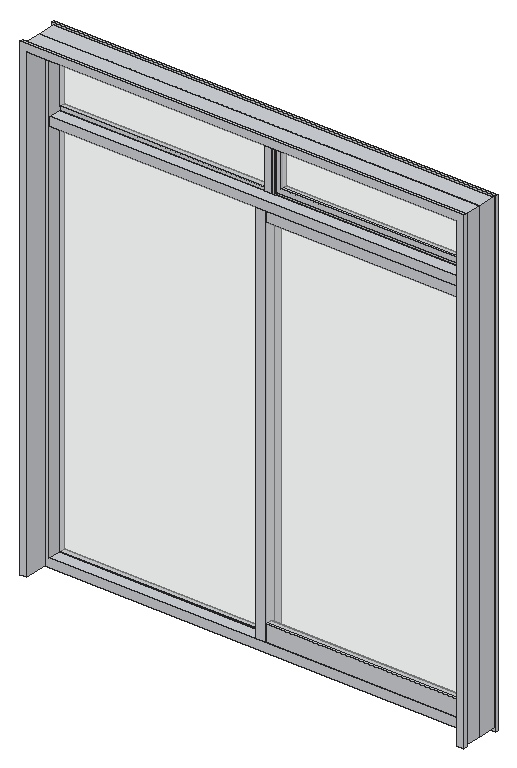
Revit family "APL Residential Thermal Heart Sliding Door SF with Overlight", category Doors, host Wall, Revit 2017 (continued)
Definition of nested family "APL Residential Thermal Heart Sliding Door SF with Overlight Vertical Section"
  Definition of nested family "Sill Two Panel"
    Lines and regions (mm)
      detail lines, in view "Ref. Level", not visible
        curve 216: line (2.003, 50.297, 0) -> (16.603, 50.297, 0)
        curve 217: line (16.603, 50.297, 0) -> (16.603, 74.797, 0)
        curve 218: line (16.603, 74.797, 0) -> (2.003, 74.797, 0)
        curve 219: line (2.003, 74.797, 0) -> (2.003, 50.297, 0)
        curve 220: line (1.903, 50.297, 0) -> (1.903, 74.797, 0)
        curve 221: line (2.903, 77.297, 0) -> (2.903, 74.797, 0)
        curve 222: line (16.603, 77.297, 0) -> (16.603, 74.797, 0)
        curve 223: line (15.603, 77.297, 0) -> (15.603, 74.797, 0)
        curve 224: line (16.603, 73.797, 0) -> (17.703, 73.797, 0)
        curve 225: line (17.703, 73.797, 0) -> (17.703, 60.797, 0)
        curve 226: line (17.703, 60.797, 0) -> (16.603, 60.797, 0)
        curve 227: line (1.903, 60.797, 0) -> (0.803, 60.797, 0)
        curve 228: line (0.803, 60.797, 0) -> (0.803, 73.797, 0)
        curve 229: line (0.803, 73.797, 0) -> (1.903, 73.797, 0)
        curve 230: line (15.003, 50.297, 0) -> (15.003, 50.097, 0)
        curve 231: line (3.503, 50.097, 0) -> (3.503, 50.297, 0)
        curve 232: line (3.503, 74.797, 0) -> (3.503, 80.597, 0)
        curve 233: line (7.678, 42.401, 0) -> (7.678, 50.097, 0)
        curve 234: line (7.678, 80.597, 0) -> (7.678, 81.793, 0)
        curve 235: line (10.828, 81.793, 0) -> (10.828, 80.597, 0)
        curve 236: line (10.828, 50.097, 0) -> (10.828, 42.401, 0)
        curve 237: line (12.208, 59.242, 0) -> (13.526, 59.35, 0)
        curve 238: line (13.64, 57.954, 0) -> (12.323, 57.847, 0)
        curve 239: line (6.298, 57.353, 0) -> (4.981, 57.245, 0)
        curve 240: line (4.867, 58.64, 0) -> (6.184, 58.748, 0)
        curve 241: line (6.184, 58.748, 0) -> (7.502, 58.856, 0)
        curve 242: line (10.89, 59.134, 0) -> (12.208, 59.242, 0)
        curve 243: line (12.323, 57.847, 0) -> (11.005, 57.739, 0)
        curve 244: line (7.616, 57.461, 0) -> (6.298, 57.353, 0)
        curve 245: arc (6.298, 57.353, 0) -> (7.246, 55.932, 0) -> (8.802, 55.228, 0) r 3.102
        curve 246: arc (12.208, 59.242, 0) -> (11.261, 60.663, 0) -> (9.704, 61.367, 0) r 3.102
    Dimensions and locks
      nested 1 to nested 3 = 17.8 mm
      nested 3 to nested 4 = 7 mm
    Nested families
      nested 1: "65596_Track" at (9.171, 14.2, 0), type "65596_Track", in view "Ref. Level"
      nested 2: "65575_Threshold" at (-87.029, 24, 0), type "65575_Threshold", in view "Ref. Level"
      nested 3: "65470_Door Sill Rail" at (-13.029, 33.8, 0), type "65470_Door Sill Rail", in view "Ref. Level"
      nested 4: "65380_Frame Sill" at (-87.029, 0, 0), type "65380_Frame Sill", in view "Ref. Level"
    Definition of nested family "65596_Track"
      Reference planes
        plane 1 "Center (Front/Back)": y = 0
        plane 2: z = 0
        plane 3 "Center (Left/Right)": x = 0
      Lines and regions (mm)
        detail lines, in view "Ref. Level"
          curve 1: arc (-1.2, 1.8, 0) -> (-1.059, 1.859, 0) -> (-1, 2, 0) r 0.2
          curve 2: arc (-1, 22.438, 0) -> (-1.623, 23.888, 0) -> (-3.105, 24.435, 0) r 2
          curve 3: arc (-17.186, 23.697, 0) -> (-17.523, 23.542, 0) -> (-17.66, 23.198, 0) r 0.5
          curve 4: arc (-17.66, 18.846, 0) -> (-18.14, 16.435, 0) -> (-19.505, 14.392, 0) r 6.3
          curve 5: arc (-21.85, 12.046, 0) -> (-22.77, 12.046, 0) -> (-22.77, 12.966, 0) r 0.65
          curve 6: arc (-20.424, 15.311, 0) -> (-19.341, 16.933, 0) -> (-18.96, 18.846, 0) r 5
          curve 7: arc (-18.96, 24.932, 0) -> (-18.823, 25.276, 0) -> (-18.486, 25.431, 0) r 0.5
          curve 8: arc (-2.589, 26.264, 0) -> (-2.456, 26.325, 0) -> (-2.399, 26.459, 0) r 0.2
          curve 9: arc (-2.399, 26.459, 0) -> (0, 28.8, 0) -> (2.399, 26.459, 0) r 2.4
          curve 10: arc (2.399, 26.459, 0) -> (2.456, 26.325, 0) -> (2.589, 26.264, 0) r 0.2
          curve 11: arc (6.566, 26.056, 0) -> (6.903, 25.901, 0) -> (7.04, 25.557, 0) r 0.5
          curve 12: arc (7.04, 18.846, 0) -> (7.421, 16.933, 0) -> (8.504, 15.311, 0) r 5
          curve 13: arc (10.85, 12.966, 0) -> (10.85, 12.046, 0) -> (9.93, 12.046, 0) r 0.65
          curve 14: arc (7.585, 14.392, 0) -> (6.22, 16.435, 0) -> (5.74, 18.846, 0) r 6.3
          curve 15: arc (5.74, 23.822, 0) -> (5.603, 24.166, 0) -> (5.266, 24.322, 0) r 0.5
          curve 16: arc (3.105, 24.435, 0) -> (1.623, 23.888, 0) -> (1, 22.438, 0) r 2
          curve 17: arc (1, 2, 0) -> (1.059, 1.859, 0) -> (1.2, 1.8, 0) r 0.2
          curve 18: arc (10.59, 0, 0) -> (10.449, 0.059, 0) -> (10.39, 0.2, 0) r 0.2
          curve 19: arc (10.39, 1.6, 0) -> (10.331, 1.741, 0) -> (10.19, 1.8, 0) r 0.2
          curve 20: arc (-8.81, 1.8, 0) -> (-8.951, 1.741, 0) -> (-9.01, 1.6, 0) r 0.2
          curve 21: arc (-9.01, -1.3, 0) -> (-8.951, -1.441, 0) -> (-8.81, -1.5, 0) r 0.2
          curve 22: arc (-7.41, -1.5, 0) -> (-7.269, -1.441, 0) -> (-7.21, -1.3, 0) r 0.2
          curve 23: arc (-7.21, -0.2, 0) -> (-7.151, -0.059, 0) -> (-7.01, 0, 0) r 0.2
          curve 24: arc (8.715, 0, 0) -> (9.001, -0.089, 0) -> (9.185, -0.325, 0) r 0.5
          curve 25: arc (9.185, -0.325, 0) -> (9.735, -1.032, 0) -> (10.59, -1.3, 0) r 1.5
          curve 26: arc (11.89, -1.3, 0) -> (12.597, -1.007, 0) -> (12.89, -0.3, 0) r 1
          curve 27: arc (12.89, -0.2, 0) -> (12.831, -0.059, 0) -> (12.69, 0, 0) r 0.2
          curve 28: line (1, 6.8, 0) -> (-1, 6.8, 0)
          curve 29: line (-1, 2, 0) -> (-1, 22.438, 0)
          curve 30: line (-3.105, 24.435, 0) -> (-17.186, 23.697, 0)
          curve 31: line (-17.66, 23.198, 0) -> (-17.66, 18.846, 0)
          curve 32: line (-19.505, 14.392, 0) -> (-21.85, 12.046, 0)
          curve 33: line (-22.77, 12.966, 0) -> (-20.424, 15.311, 0)
          curve 34: line (-18.96, 18.846, 0) -> (-18.96, 24.932, 0)
          curve 35: line (-18.486, 25.431, 0) -> (-2.589, 26.264, 0)
          curve 36: line (2.589, 26.264, 0) -> (6.566, 26.056, 0)
          curve 37: line (7.04, 25.557, 0) -> (7.04, 18.846, 0)
          curve 38: line (8.504, 15.311, 0) -> (10.85, 12.966, 0)
          curve 39: line (9.93, 12.046, 0) -> (7.585, 14.392, 0)
          curve 40: line (5.74, 18.846, 0) -> (5.74, 23.822, 0)
          curve 41: line (5.266, 24.322, 0) -> (3.105, 24.435, 0)
          curve 42: line (1, 22.438, 0) -> (1, 2, 0)
          curve 43: line (10.39, 0.2, 0) -> (10.39, 1.6, 0)
          curve 44: line (10.19, 1.8, 0) -> (-8.81, 1.8, 0)
          curve 45: line (-9.01, 1.6, 0) -> (-9.01, -1.3, 0)
          curve 46: line (-8.81, -1.5, 0) -> (-7.41, -1.5, 0)
          curve 47: line (-7.21, -1.3, 0) -> (-7.21, -0.2, 0)
          curve 48: line (-7.01, 0, 0) -> (8.715, 0, 0)
          curve 49: line (10.59, -1.3, 0) -> (11.89, -1.3, 0)
          curve 50: line (12.69, 0, 0) -> (10.59, 0, 0)
      Text (mm)
        text "65596" at (20.379, 15.04, 0), in view "Ref. Level"
    Definition of nested family "65575_Threshold"
      Reference planes
        plane 1 "Center (Front/Back)": y = 0
        plane 2: z = 0
        plane 3 "Center (Left/Right)": x = 0
      Lines and regions (mm)
        detail lines, in view "Ref. Level"
          curve 1: arc (0.123, 1.385, 0) -> (0.034, 1.312, 0) -> (0, 1.2, 0) r 0.2
          curve 2: arc (0, 0.2, 0) -> (0.059, 0.059, 0) -> (0.2, 0, 0) r 0.2
          curve 3: arc (1.987, -0.473, 0) -> (2.044, -0.588, 0) -> (2.019, -0.715, 0) r 0.2
          curve 4: arc (1.788, -1.112, 0) -> (1.916, -1.591, 0) -> (2.394, -1.463, 0) r 0.35
          curve 5: arc (2.779, -0.797, 0) -> (2.842, -0.484, 0) -> (2.701, -0.197, 0) r 0.497
          curve 6: arc (2.033, 0.47, 0) -> (1.979, 0.65, 0) -> (2.098, 0.796, 0) r 0.2
          curve 7: arc (41.094, 16.949, 0) -> (41.282, 16.93, 0) -> (41.37, 16.764, 0) r 0.2
          curve 8: arc (41.37, 12.481, 0) -> (41.586, 11.578, 0) -> (42.188, 10.869, 0) r 2
          curve 9: arc (42.188, 10.869, 0) -> (43.515, 8.691, 0) -> (42.924, 6.21, 0) r 3.35
          curve 10: arc (42.924, 6.21, 0) -> (43.038, 5.512, 0) -> (43.736, 5.625, 0) r 0.5
          curve 11: arc (43.736, 5.625, 0) -> (44.503, 8.847, 0) -> (42.779, 11.675, 0) r 4.35
          curve 12: arc (42.779, 11.675, 0) -> (42.478, 12.03, 0) -> (42.37, 12.481, 0) r 1
          curve 13: arc (42.37, 18.585, 0) -> (42.282, 18.751, 0) -> (42.094, 18.77, 0) r 0.2
          curve 14: line (0, 1.2, 0) -> (0, 0.2, 0)
          curve 15: line (0.2, 0, 0) -> (1.431, 0, 0)
          curve 16: line (1.573, -0.059, 0) -> (1.987, -0.473, 0)
          curve 17: line (2.019, -0.715, 0) -> (1.788, -1.112, 0)
          curve 18: line (2.394, -1.463, 0) -> (2.779, -0.797, 0)
          curve 19: line (2.701, -0.197, 0) -> (2.033, 0.47, 0)
          curve 20: line (2.098, 0.796, 0) -> (41.094, 16.949, 0)
          curve 21: line (41.37, 16.764, 0) -> (41.37, 12.481, 0)
          curve 22: line (42.37, 12.481, 0) -> (42.37, 18.585, 0)
          curve 23: line (42.094, 18.77, 0) -> (0.123, 1.385, 0)
      Text (mm)
        text "65575" at (6.848, 22.344, 0), in view "Ref. Level"
    Definition of nested family "65470_Door Sill Rail"
      Reference planes
        plane 1 "Center (Front/Back)": y = 0
        plane 2: z = 0
        plane 3 "Center (Left/Right)": x = 0
      Lines and regions (mm)
        detail lines, in view "Ref. Level"
          curve 1: arc (2.879, 58.956, 0) -> (2.804, 58.989, 0) -> (2.723, 59, 0) r 0.3
          curve 2: arc (2.202, 59, 0) -> (2.044, 58.922, 0) -> (2.008, 58.75, 0) r 0.2
          curve 3: arc (2.202, 54.747, 0) -> (2.176, 54.625, 0) -> (2.102, 54.524, 0) r 0.3
          curve 4: arc (2.102, 54.524, 0) -> (2.022, 54.193, 0) -> (2.302, 54, 0) r 0.3
          curve 5: arc (4.523, 54.543, 0) -> (4.612, 54.595, 0) -> (4.664, 54.684, 0) r 0.2
          curve 6: arc (4.709, 54.852, 0) -> (4.85, 54.993, 0) -> (5.043, 54.941, 0) r 0.2
          curve 7: arc (5.407, 54.578, 0) -> (5.467, 54.492, 0) -> (5.494, 54.392, 0) r 0.3
          curve 8: arc (5.701, 52.026, 0) -> (5.585, 51.762, 0) -> (5.299, 51.718, 0) r 0.3
          curve 9: arc (3.889, 52.231, 0) -> (3.763, 52.319, 0) -> (3.697, 52.457, 0) r 0.3
          curve 10: arc (3.697, 52.457, 0) -> (3.424, 52.699, 0) -> (3.119, 52.5, 0) r 0.3
          curve 11: arc (2.3, 52.5, 0) -> (1.946, 52.353, 0) -> (1.8, 52, 0) r 0.5
          curve 12: arc (1.8, 46.697, 0) -> (1.86, 46.557, 0) -> (2, 46.5, 0) r 0.2
          curve 13: arc (3, 46.5, 0) -> (3.141, 46.441, 0) -> (3.2, 46.3, 0) r 0.2
          curve 14: arc (3.2, 45.2, 0) -> (3.141, 45.058, 0) -> (3, 45, 0) r 0.2
          curve 15: arc (2, 45, 0) -> (1.86, 44.942, 0) -> (1.8, 44.803, 0) r 0.2
          curve 16: arc (1.8, 30.197, 0) -> (1.86, 30.057, 0) -> (2, 30, 0) r 0.2
          curve 17: arc (3, 30, 0) -> (3.141, 29.941, 0) -> (3.2, 29.8, 0) r 0.2
          curve 18: arc (3.2, 28.7, 0) -> (3.141, 28.558, 0) -> (3, 28.5, 0) r 0.2
          curve 19: arc (2, 28.5, 0) -> (1.86, 28.442, 0) -> (1.8, 28.303, 0) r 0.2
          curve 20: arc (1.8, 0.2, 0) -> (1.741, 0.059, 0) -> (1.6, 0, 0) r 0.2
          curve 21: arc (0.5, 0, 0) -> (0.146, 0.146, 0) -> (0, 0.5, 0) r 0.5
          curve 22: arc (0, 99.8, 0) -> (0.059, 99.942, 0) -> (0.2, 100, 0) r 0.2
          curve 23: arc (3.002, 100, 0) -> (3.143, 99.942, 0) -> (3.202, 99.8, 0) r 0.2
          curve 24: arc (3.202, 98.37, 0) -> (3.143, 98.229, 0) -> (3.002, 98.17, 0) r 0.2
          curve 25: arc (2.402, 98.17, 0) -> (2.261, 98.229, 0) -> (2.202, 98.37, 0) r 0.2
          curve 26: arc (2.202, 98.72, 0) -> (2.143, 98.862, 0) -> (2.002, 98.92, 0) r 0.2
          curve 27: arc (1.402, 98.92, 0) -> (1.261, 98.862, 0) -> (1.202, 98.72, 0) r 0.2
          curve 28: arc (1.202, 95.62, 0) -> (1.261, 95.479, 0) -> (1.402, 95.42, 0) r 0.2
          curve 29: arc (2.002, 95.42, 0) -> (2.143, 95.479, 0) -> (2.202, 95.62, 0) r 0.2
          curve 30: arc (2.202, 95.97, 0) -> (2.261, 96.112, 0) -> (2.402, 96.17, 0) r 0.2
          curve 31: arc (3.002, 96.17, 0) -> (3.143, 96.112, 0) -> (3.202, 95.97, 0) r 0.2
          curve 32: arc (3.202, 92.87, 0) -> (3.143, 92.729, 0) -> (3.002, 92.67, 0) r 0.2
          curve 33: arc (1.6, 92.67, 0) -> (1.459, 92.612, 0) -> (1.4, 92.47, 0) r 0.2
          curve 34: arc (1.644, 81.94, 0) -> (1.956, 81.272, 0) -> (2.642, 81, 0) r 1
          curve 35: arc (3.119, 81, 0) -> (3.424, 80.801, 0) -> (3.697, 81.044, 0) r 0.3
          curve 36: arc (3.697, 81.044, 0) -> (3.763, 81.181, 0) -> (3.889, 81.269, 0) r 0.3
          curve 37: arc (5.299, 81.782, 0) -> (5.585, 81.738, 0) -> (5.701, 81.474, 0) r 0.3
          curve 38: arc (5.494, 79.109, 0) -> (5.467, 79.008, 0) -> (5.407, 78.923, 0) r 0.3
          curve 39: arc (5.043, 78.559, 0) -> (4.85, 78.507, 0) -> (4.709, 78.649, 0) r 0.2
          curve 40: arc (4.664, 78.816, 0) -> (4.612, 78.906, 0) -> (4.523, 78.957, 0) r 0.2
          curve 41: arc (2.302, 79.5, 0) -> (2.022, 79.307, 0) -> (2.102, 78.977, 0) r 0.3
          curve 42: arc (2.102, 78.977, 0) -> (2.176, 78.876, 0) -> (2.202, 78.753, 0) r 0.3
          curve 43: arc (2.008, 74.75, 0) -> (2.044, 74.578, 0) -> (2.202, 74.5, 0) r 0.2
          curve 44: arc (2.722, 74.5, 0) -> (2.804, 74.511, 0) -> (2.879, 74.544, 0) r 0.3
          curve 45: arc (4.133, 75.309, 0) -> (4.13, 75.479, 0) -> (4.236, 75.612, 0) r 0.25
          curve 46: arc (4.322, 75.664, 0) -> (4.574, 75.668, 0) -> (4.702, 75.45, 0) r 0.25
          curve 47: arc (4.702, 73.304, 0) -> (4.676, 73.206, 0) -> (4.606, 73.133, 0) r 0.2
          curve 48: arc (2.298, 71.724, 0) -> (2.228, 71.651, 0) -> (2.202, 71.553, 0) r 0.2
          curve 49: arc (2.202, 61.825, 0) -> (2.228, 61.727, 0) -> (2.298, 61.654, 0) r 0.2
          curve 50: arc (4.606, 60.245, 0) -> (4.676, 60.172, 0) -> (4.702, 60.074, 0) r 0.2
          curve 51: arc (4.702, 58.05, 0) -> (4.575, 57.832, 0) -> (4.322, 57.837, 0) r 0.25
          curve 52: line (4.133, 58.191, 0) -> (2.879, 58.956, 0)
          curve 53: line (2.723, 59, 0) -> (2.202, 59, 0)
          curve 54: line (2.008, 58.75, 0) -> (2.202, 58, 0)
          curve 55: line (2.202, 57.975, 0) -> (2.202, 54.747, 0)
          curve 56: line (2.534, 54.01, 0) -> (4.523, 54.543, 0)
          curve 57: line (4.664, 54.684, 0) -> (4.709, 54.852, 0)
          curve 58: line (5.043, 54.941, 0) -> (5.407, 54.578, 0)
          curve 59: line (5.494, 54.392, 0) -> (5.701, 52.026, 0)
          curve 60: line (5.299, 51.718, 0) -> (3.889, 52.231, 0)
          curve 61: line (3.119, 52.5, 0) -> (2.3, 52.5, 0)
          curve 62: line (1.8, 52, 0) -> (1.8, 46.697, 0)
          curve 63: line (2, 46.5, 0) -> (3, 46.5, 0)
          curve 64: line (3.2, 46.3, 0) -> (3.2, 45.2, 0)
          curve 65: line (3, 45, 0) -> (2, 45, 0)
          curve 66: line (1.8, 44.803, 0) -> (1.8, 30.197, 0)
          curve 67: line (2, 30, 0) -> (3, 30, 0)
          curve 68: line (3.2, 29.8, 0) -> (3.2, 28.7, 0)
          curve 69: line (3, 28.5, 0) -> (2, 28.5, 0)
          curve 70: line (1.8, 28.303, 0) -> (1.8, 0.2, 0)
          curve 71: line (1.6, 0, 0) -> (0.5, 0, 0)
          curve 72: line (0, 0.5, 0) -> (0, 99.8, 0)
          curve 73: line (0.2, 100, 0) -> (3.002, 100, 0)
          curve 74: line (3.202, 99.8, 0) -> (3.202, 98.37, 0)
          curve 75: line (3.002, 98.17, 0) -> (2.402, 98.17, 0)
          curve 76: line (2.202, 98.37, 0) -> (2.202, 98.72, 0)
          curve 77: line (2.002, 98.92, 0) -> (1.402, 98.92, 0)
          curve 78: line (1.202, 98.72, 0) -> (1.202, 95.62, 0)
          curve 79: line (1.402, 95.42, 0) -> (2.002, 95.42, 0)
          curve 80: line (2.202, 95.62, 0) -> (2.202, 95.97, 0)
          curve 81: line (2.402, 96.17, 0) -> (3.002, 96.17, 0)
          curve 82: line (3.202, 95.97, 0) -> (3.202, 92.87, 0)
          curve 83: line (3.002, 92.67, 0) -> (1.6, 92.67, 0)
          curve 84: line (1.4, 92.47, 0) -> (1.4, 86, 0)
          curve 85: line (1.4, 86, 0) -> (1.644, 81.94, 0)
          curve 86: line (2.642, 81, 0) -> (3.119, 81, 0)
          curve 87: line (3.889, 81.269, 0) -> (5.299, 81.782, 0)
          curve 88: line (5.701, 81.474, 0) -> (5.494, 79.109, 0)
          curve 89: line (5.407, 78.923, 0) -> (5.043, 78.559, 0)
          curve 90: line (4.709, 78.649, 0) -> (4.664, 78.816, 0)
          curve 91: line (4.523, 78.957, 0) -> (2.534, 79.49, 0)
          curve 92: line (2.202, 78.753, 0) -> (2.202, 75.526, 0)
          curve 93: line (2.202, 75.5, 0) -> (2.008, 74.75, 0)
          curve 94: line (2.202, 74.5, 0) -> (2.722, 74.5, 0)
          curve 95: line (2.879, 74.544, 0) -> (4.133, 75.309, 0)
          curve 96: line (4.702, 75.45, 0) -> (4.702, 73.304, 0)
          curve 97: line (4.606, 73.133, 0) -> (2.298, 71.724, 0)
          curve 98: line (2.202, 71.553, 0) -> (2.202, 61.825, 0)
          curve 99: line (2.298, 61.654, 0) -> (4.606, 60.245, 0)
          curve 100: line (4.702, 60.074, 0) -> (4.702, 58.05, 0)
          curve 101: arc (4.236, 57.889, 0) -> (4.13, 58.021, 0) -> (4.133, 58.191, 0) r 0.25
          curve 102: arc (31.439, 98.795, 0) -> (31.508, 98.913, 0) -> (31.636, 98.96, 0) r 0.2
          curve 103: arc (32.901, 99.797, 0) -> (32.959, 99.94, 0) -> (33.101, 100, 0) r 0.2
          curve 104: arc (33.8, 100, 0) -> (33.941, 99.942, 0) -> (34, 99.8, 0) r 0.2
          curve 105: arc (34, 0.5, 0) -> (33.854, 0.146, 0) -> (33.5, 0, 0) r 0.5
          curve 106: arc (32.4, 0, 0) -> (32.259, 0.059, 0) -> (32.2, 0.2, 0) r 0.2
          curve 107: arc (32.2, 28.3, 0) -> (32.141, 28.441, 0) -> (32, 28.5, 0) r 0.2
          curve 108: arc (31.6, 28.5, 0) -> (31.459, 28.558, 0) -> (31.4, 28.7, 0) r 0.2
          curve 109: arc (31.4, 29.8, 0) -> (31.459, 29.941, 0) -> (31.6, 30, 0) r 0.2
          curve 110: arc (32, 30, 0) -> (32.141, 30.058, 0) -> (32.2, 30.2, 0) r 0.2
          curve 111: arc (32.2, 44.8, 0) -> (32.141, 44.941, 0) -> (32, 45, 0) r 0.2
          curve 112: arc (30.6, 45, 0) -> (30.459, 45.058, 0) -> (30.4, 45.2, 0) r 0.2
          curve 113: arc (30.4, 46.3, 0) -> (30.459, 46.441, 0) -> (30.6, 46.5, 0) r 0.2
          curve 114: arc (32, 46.5, 0) -> (32.141, 46.558, 0) -> (32.2, 46.7, 0) r 0.2
          curve 115: arc (31.601, 52.133, 0) -> (31.422, 52.398, 0) -> (31.119, 52.5, 0) r 0.5
          curve 116: arc (16.085, 52.5, 0) -> (15.78, 52.699, 0) -> (15.507, 52.457, 0) r 0.3
          curve 117: arc (15.507, 52.457, 0) -> (15.441, 52.319, 0) -> (15.315, 52.231, 0) r 0.3
          curve 118: arc (13.905, 51.718, 0) -> (13.619, 51.762, 0) -> (13.503, 52.026, 0) r 0.3
          curve 119: arc (13.71, 54.392, 0) -> (13.737, 54.492, 0) -> (13.797, 54.578, 0) r 0.3
          curve 120: arc (14.161, 54.941, 0) -> (14.354, 54.993, 0) -> (14.495, 54.852, 0) r 0.2
          curve 121: arc (14.54, 54.684, 0) -> (14.592, 54.595, 0) -> (14.681, 54.543, 0) r 0.2
          curve 122: arc (16.902, 54, 0) -> (17.182, 54.193, 0) -> (17.102, 54.524, 0) r 0.3
          curve 123: arc (17.102, 54.524, 0) -> (17.028, 54.625, 0) -> (17.002, 54.747, 0) r 0.3
          curve 124: arc (17.196, 58.75, 0) -> (17.16, 58.922, 0) -> (17.002, 59, 0) r 0.2
          curve 125: arc (16.482, 59, 0) -> (16.4, 58.989, 0) -> (16.325, 58.956, 0) r 0.3
          curve 126: arc (15.071, 58.191, 0) -> (15.074, 58.021, 0) -> (14.968, 57.889, 0) r 0.25
          curve 127: arc (14.882, 57.837, 0) -> (14.63, 57.832, 0) -> (14.502, 58.05, 0) r 0.25
          curve 128: arc (14.502, 60.196, 0) -> (14.528, 60.294, 0) -> (14.598, 60.367, 0) r 0.2
          curve 129: arc (16.906, 61.776, 0) -> (16.976, 61.849, 0) -> (17.002, 61.947, 0) r 0.2
          curve 130: arc (17.002, 71.553, 0) -> (16.976, 71.651, 0) -> (16.906, 71.724, 0) r 0.2
          curve 131: arc (14.598, 73.133, 0) -> (14.528, 73.206, 0) -> (14.502, 73.304, 0) r 0.2
          curve 132: arc (14.502, 75.45, 0) -> (14.629, 75.668, 0) -> (14.882, 75.664, 0) r 0.25
          curve 133: arc (14.968, 75.612, 0) -> (15.074, 75.479, 0) -> (15.071, 75.309, 0) r 0.25
          curve 134: arc (16.325, 74.544, 0) -> (16.4, 74.512, 0) -> (16.481, 74.5, 0) r 0.3
          curve 135: arc (17.002, 74.5, 0) -> (17.16, 74.578, 0) -> (17.196, 74.75, 0) r 0.2
          curve 136: arc (17.002, 78.753, 0) -> (17.028, 78.876, 0) -> (17.102, 78.977, 0) r 0.3
          curve 137: arc (17.102, 78.977, 0) -> (17.182, 79.307, 0) -> (16.902, 79.5, 0) r 0.3
          curve 138: arc (14.681, 78.957, 0) -> (14.592, 78.906, 0) -> (14.54, 78.816, 0) r 0.2
          curve 139: arc (14.495, 78.649, 0) -> (14.354, 78.507, 0) -> (14.161, 78.559, 0) r 0.2
          curve 140: arc (13.797, 78.923, 0) -> (13.737, 79.008, 0) -> (13.71, 79.109, 0) r 0.3
          curve 141: arc (13.503, 81.474, 0) -> (13.619, 81.738, 0) -> (13.905, 81.782, 0) r 0.3
          curve 142: arc (15.315, 81.269, 0) -> (15.441, 81.181, 0) -> (15.507, 81.044, 0) r 0.3
          curve 143: arc (15.507, 81.044, 0) -> (15.78, 80.801, 0) -> (16.085, 81, 0) r 0.3
          curve 144: arc (31.1, 81, 0) -> (31.414, 81.097, 0) -> (31.601, 81.367, 0) r 0.5
          curve 145: arc (32.601, 96.465, 0) -> (32.523, 96.623, 0) -> (32.349, 96.658, 0) r 0.2
          curve 146: arc (31.453, 96.417, 0) -> (31.279, 96.452, 0) -> (31.201, 96.611, 0) r 0.2
          curve 147: arc (20.155, 74.28, 0) -> (19.65, 74.922, 0) -> (19.29, 75.654, 0) r 3.9
          curve 148: arc (19.29, 75.654, 0) -> (19.067, 75.782, 0) -> (18.902, 75.585, 0) r 0.2
          curve 149: arc (18.902, 57.915, 0) -> (19.067, 57.718, 0) -> (19.29, 57.846, 0) r 0.2
          curve 150: arc (19.29, 57.846, 0) -> (19.65, 58.578, 0) -> (20.155, 59.22, 0) r 3.9
          curve 151: arc (20.155, 59.22, 0) -> (21.428, 59.237, 0) -> (21.445, 57.964, 0) r 0.9
          curve 152: arc (21.445, 57.964, 0) -> (20.85, 56.5, 0) -> (21.445, 55.035, 0) r 2.1
          curve 153: arc (21.445, 55.035, 0) -> (21.57, 54.873, 0) -> (21.656, 54.686, 0) r 0.9
          curve 154: arc (21.656, 54.686, 0) -> (21.753, 54.514, 0) -> (21.91, 54.393, 0) r 0.5
          curve 155: arc (21.91, 54.393, 0) -> (22.95, 54.15, 0) -> (23.99, 54.393, 0) r 2.35
          curve 156: arc (23.99, 54.393, 0) -> (24.147, 54.514, 0) -> (24.244, 54.686, 0) r 0.5
          curve 157: arc (24.244, 54.686, 0) -> (24.33, 54.873, 0) -> (24.455, 55.035, 0) r 0.9
          curve 158: arc (24.455, 55.035, 0) -> (25.05, 56.5, 0) -> (24.455, 57.964, 0) r 2.1
          curve 159: arc (24.455, 57.964, 0) -> (24.472, 59.237, 0) -> (25.745, 59.22, 0) r 0.9
          curve 160: arc (25.745, 59.22, 0) -> (26.799, 57.131, 0) -> (26.468, 54.816, 0) r 3.9
          curve 161: arc (26.468, 54.816, 0) -> (26.496, 54.333, 0) -> (26.919, 54.1, 0) r 0.5
          curve 162: arc (31.08, 54.1, 0) -> (31.402, 54.217, 0) -> (31.572, 54.514, 0) r 0.5
          curve 163: arc (31.572, 78.986, 0) -> (31.402, 79.283, 0) -> (31.08, 79.4, 0) r 0.5
          curve 164: line (31.636, 98.96, 0) -> (32.901, 98.96, 0)
          curve 165: line (32.901, 98.96, 0) -> (32.901, 99.797, 0)
          curve 166: line (33.101, 100, 0) -> (33.8, 100, 0)
          curve 167: line (34, 99.8, 0) -> (34, 0.5, 0)
          curve 168: line (33.5, 0, 0) -> (32.4, 0, 0)
          curve 169: line (32.2, 0.2, 0) -> (32.2, 28.3, 0)
          curve 170: line (32, 28.5, 0) -> (31.6, 28.5, 0)
          curve 171: line (31.4, 28.7, 0) -> (31.4, 29.8, 0)
          curve 172: line (31.6, 30, 0) -> (32, 30, 0)
          curve 173: line (32.2, 30.2, 0) -> (32.2, 44.8, 0)
          curve 174: line (32, 45, 0) -> (30.6, 45, 0)
          curve 175: line (30.4, 45.2, 0) -> (30.4, 46.3, 0)
          curve 176: line (30.6, 46.5, 0) -> (32, 46.5, 0)
          curve 177: line (32.2, 46.7, 0) -> (32.2, 49.89, 0)
          curve 178: line (32.182, 50.022, 0) -> (31.601, 52.133, 0)
          curve 179: line (31.119, 52.5, 0) -> (23.35, 52.5, 0)
          curve 180: line (23.35, 52.5, 0) -> (22.95, 52.9, 0)
          curve 181: line (22.95, 52.9, 0) -> (22.55, 52.5, 0)
          curve 182: line (22.55, 52.5, 0) -> (16.085, 52.5, 0)
          curve 183: line (15.315, 52.231, 0) -> (13.905, 51.718, 0)
          curve 184: line (13.503, 52.026, 0) -> (13.71, 54.392, 0)
          curve 185: line (13.797, 54.578, 0) -> (14.161, 54.941, 0)
          curve 186: line (14.495, 54.852, 0) -> (14.54, 54.684, 0)
          curve 187: line (14.681, 54.543, 0) -> (16.67, 54.01, 0)
          curve 188: line (17.002, 54.747, 0) -> (17.002, 57.975, 0)
          curve 189: line (17.002, 58, 0) -> (17.196, 58.75, 0)
          curve 190: line (17.002, 59, 0) -> (16.482, 59, 0)
          curve 191: line (16.325, 58.956, 0) -> (15.071, 58.191, 0)
          curve 192: line (14.502, 58.05, 0) -> (14.502, 60.196, 0)
          curve 193: line (14.598, 60.367, 0) -> (16.906, 61.776, 0)
          curve 194: line (17.002, 61.947, 0) -> (17.002, 71.553, 0)
          curve 195: line (16.906, 71.724, 0) -> (14.598, 73.133, 0)
          curve 196: line (14.502, 73.304, 0) -> (14.502, 75.45, 0)
          curve 197: line (15.071, 75.309, 0) -> (16.325, 74.544, 0)
          curve 198: line (16.481, 74.5, 0) -> (17.002, 74.5, 0)
          curve 199: line (17.196, 74.75, 0) -> (17.002, 75.5, 0)
          curve 200: line (17.002, 75.526, 0) -> (17.002, 78.753, 0)
          curve 201: line (16.67, 79.49, 0) -> (14.681, 78.957, 0)
          curve 202: line (14.54, 78.816, 0) -> (14.495, 78.649, 0)
          curve 203: line (14.161, 78.559, 0) -> (13.797, 78.923, 0)
          curve 204: line (13.71, 79.109, 0) -> (13.503, 81.474, 0)
          curve 205: line (13.905, 81.782, 0) -> (15.315, 81.269, 0)
          curve 206: line (16.085, 81, 0) -> (31.1, 81, 0)
          curve 207: line (31.601, 81.367, 0) -> (32.583, 84.935, 0)
          curve 208: line (32.601, 85.067, 0) -> (32.601, 96.465, 0)
          curve 209: line (32.349, 96.658, 0) -> (31.453, 96.417, 0)
          curve 210: line (31.201, 96.611, 0) -> (31.201, 97.442, 0)
          curve 211: line (31.201, 97.442, 0) -> (31.439, 98.795, 0)
          curve 212: line (18.902, 75.585, 0) -> (18.902, 57.915, 0)
          curve 213: line (26.919, 54.1, 0) -> (31.08, 54.1, 0)
          curve 214: line (31.572, 54.514, 0) -> (32.193, 58.057, 0)
          curve 215: line (32.2, 58.143, 0) -> (32.2, 75.357, 0)
          curve 216: line (32.193, 75.443, 0) -> (31.572, 78.986, 0)
          curve 217: line (31.08, 79.4, 0) -> (26.919, 79.4, 0)
          curve 218: arc (26.919, 79.4, 0) -> (26.496, 79.167, 0) -> (26.468, 78.684, 0) r 0.5
          curve 219: arc (26.468, 78.684, 0) -> (26.799, 76.369, 0) -> (25.745, 74.28, 0) r 3.9
          curve 220: arc (25.745, 74.28, 0) -> (24.472, 74.263, 0) -> (24.455, 75.536, 0) r 0.9
          curve 221: arc (24.455, 75.536, 0) -> (25.05, 77, 0) -> (24.455, 78.465, 0) r 2.1
          curve 222: arc (24.455, 78.465, 0) -> (24.33, 78.627, 0) -> (24.244, 78.814, 0) r 0.9
          curve 223: arc (24.244, 78.814, 0) -> (24.147, 78.987, 0) -> (23.99, 79.108, 0) r 0.5
          curve 224: arc (23.99, 79.108, 0) -> (22.95, 79.35, 0) -> (21.91, 79.108, 0) r 2.35
          curve 225: arc (21.91, 79.108, 0) -> (21.753, 78.987, 0) -> (21.656, 78.814, 0) r 0.5
          curve 226: arc (21.656, 78.814, 0) -> (21.57, 78.627, 0) -> (21.445, 78.465, 0) r 0.9
          curve 227: arc (21.445, 78.465, 0) -> (20.85, 77, 0) -> (21.445, 75.536, 0) r 2.1
          curve 228: arc (21.445, 75.536, 0) -> (21.428, 74.263, 0) -> (20.155, 74.28, 0) r 0.9
          curve 229: arc (2.202, 58.1, 0) -> (2.319, 58.383, 0) -> (2.602, 58.5, 0) r 0.4
          curve 230: arc (2.895, 58.5, 0) -> (2.998, 58.486, 0) -> (3.095, 58.446, 0) r 0.4
          curve 231: arc (4.623, 57.561, 0) -> (4.913, 57.441, 0) -> (5.224, 57.4, 0) r 1.2
          curve 232: arc (6.147, 57.4, 0) -> (6.72, 57.219, 0) -> (7.086, 56.742, 0) r 1
          curve 233: arc (7.879, 54.563, 0) -> (8.026, 54.372, 0) -> (8.255, 54.3, 0) r 0.4
          curve 234: arc (10.949, 54.3, 0) -> (11.178, 54.372, 0) -> (11.325, 54.563, 0) r 0.4
          curve 235: arc (12.118, 56.742, 0) -> (12.484, 57.219, 0) -> (13.057, 57.4, 0) r 1
          curve 236: arc (13.98, 57.4, 0) -> (14.291, 57.441, 0) -> (14.581, 57.561, 0) r 1.2
          curve 237: arc (16.109, 58.446, 0) -> (16.206, 58.486, 0) -> (16.309, 58.5, 0) r 0.4
          curve 238: arc (16.602, 58.5, 0) -> (16.885, 58.383, 0) -> (17.002, 58.1, 0) r 0.4
          curve 239: arc (17.002, 54.7, 0) -> (16.885, 54.417, 0) -> (16.602, 54.3, 0) r 0.4
          curve 240: arc (16.309, 54.3, 0) -> (16.206, 54.314, 0) -> (16.109, 54.354, 0) r 0.4
          curve 241: arc (14.581, 55.238, 0) -> (14.287, 55.36, 0) -> (13.972, 55.4, 0) r 1.2
          curve 242: arc (13.972, 55.4, 0) -> (13.797, 55.347, 0) -> (13.686, 55.203, 0) r 0.3
          curve 243: arc (12.798, 52.763, 0) -> (12.651, 52.572, 0) -> (12.422, 52.5, 0) r 0.4
          curve 244: arc (6.782, 52.5, 0) -> (6.553, 52.572, 0) -> (6.406, 52.763, 0) r 0.4
          curve 245: arc (5.518, 55.203, 0) -> (5.407, 55.347, 0) -> (5.232, 55.4, 0) r 0.3
          curve 246: arc (5.232, 55.4, 0) -> (4.917, 55.36, 0) -> (4.623, 55.238, 0) r 1.2
          curve 247: arc (3.095, 54.354, 0) -> (2.998, 54.314, 0) -> (2.895, 54.3, 0) r 0.4
          curve 248: arc (2.602, 54.3, 0) -> (2.319, 54.417, 0) -> (2.202, 54.7, 0) r 0.4
          curve 249: line (2.602, 58.5, 0) -> (2.895, 58.5, 0)
          curve 250: line (3.095, 58.446, 0) -> (4.623, 57.561, 0)
          curve 251: line (5.224, 57.4, 0) -> (6.147, 57.4, 0)
          curve 252: line (7.086, 56.742, 0) -> (7.879, 54.563, 0)
          curve 253: line (8.255, 54.3, 0) -> (10.949, 54.3, 0)
          curve 254: line (11.325, 54.563, 0) -> (12.118, 56.742, 0)
          curve 255: line (13.057, 57.4, 0) -> (13.98, 57.4, 0)
          curve 256: line (14.581, 57.561, 0) -> (16.109, 58.446, 0)
          curve 257: line (16.309, 58.5, 0) -> (16.602, 58.5, 0)
          curve 258: line (17.002, 58.1, 0) -> (17.002, 54.7, 0)
          curve 259: line (16.602, 54.3, 0) -> (16.309, 54.3, 0)
          curve 260: line (16.109, 54.354, 0) -> (14.581, 55.238, 0)
          curve 261: line (13.686, 55.203, 0) -> (12.798, 52.763, 0)
          curve 262: line (12.422, 52.5, 0) -> (6.782, 52.5, 0)
          curve 263: line (6.406, 52.763, 0) -> (5.518, 55.203, 0)
          curve 264: line (4.623, 55.238, 0) -> (3.095, 54.354, 0)
          curve 265: line (2.895, 54.3, 0) -> (2.602, 54.3, 0)
          curve 266: line (2.202, 54.7, 0) -> (2.202, 58.1, 0)
          curve 267: arc (2.202, 75.4, 0) -> (2.319, 75.117, 0) -> (2.602, 75, 0) r 0.4
          curve 268: arc (2.895, 75, 0) -> (2.998, 75.014, 0) -> (3.095, 75.054, 0) r 0.4
          curve 269: arc (4.623, 75.939, 0) -> (4.913, 76.059, 0) -> (5.224, 76.1, 0) r 1.2
          curve 270: arc (6.147, 76.1, 0) -> (6.72, 76.281, 0) -> (7.086, 76.758, 0) r 1
          curve 271: arc (7.879, 78.937, 0) -> (8.026, 79.128, 0) -> (8.255, 79.2, 0) r 0.4
          curve 272: arc (10.949, 79.2, 0) -> (11.178, 79.128, 0) -> (11.325, 78.937, 0) r 0.4
          curve 273: arc (12.118, 76.758, 0) -> (12.484, 76.281, 0) -> (13.057, 76.1, 0) r 1
          curve 274: arc (13.98, 76.1, 0) -> (14.291, 76.059, 0) -> (14.581, 75.939, 0) r 1.2
          curve 275: arc (16.109, 75.054, 0) -> (16.206, 75.014, 0) -> (16.309, 75, 0) r 0.4
          curve 276: arc (16.602, 75, 0) -> (16.885, 75.117, 0) -> (17.002, 75.4, 0) r 0.4
          curve 277: arc (17.002, 78.8, 0) -> (16.885, 79.083, 0) -> (16.602, 79.2, 0) r 0.4
          curve 278: arc (16.309, 79.2, 0) -> (16.206, 79.187, 0) -> (16.109, 79.147, 0) r 0.4
          curve 279: arc (14.581, 78.262, 0) -> (14.287, 78.14, 0) -> (13.972, 78.1, 0) r 1.2
          curve 280: arc (13.972, 78.1, 0) -> (13.797, 78.153, 0) -> (13.686, 78.298, 0) r 0.3
          curve 281: arc (12.798, 80.737, 0) -> (12.651, 80.928, 0) -> (12.422, 81, 0) r 0.4
          curve 282: arc (6.782, 81, 0) -> (6.553, 80.928, 0) -> (6.406, 80.737, 0) r 0.4
          curve 283: arc (5.518, 78.298, 0) -> (5.407, 78.153, 0) -> (5.232, 78.1, 0) r 0.3
          curve 284: arc (5.232, 78.1, 0) -> (4.917, 78.14, 0) -> (4.623, 78.262, 0) r 1.2
          curve 285: arc (3.095, 79.147, 0) -> (2.998, 79.187, 0) -> (2.895, 79.2, 0) r 0.4
          curve 286: arc (2.602, 79.2, 0) -> (2.319, 79.083, 0) -> (2.202, 78.8, 0) r 0.4
          curve 287: line (2.602, 75, 0) -> (2.895, 75, 0)
          curve 288: line (3.095, 75.054, 0) -> (4.623, 75.939, 0)
          curve 289: line (5.224, 76.1, 0) -> (6.147, 76.1, 0)
          curve 290: line (7.086, 76.758, 0) -> (7.879, 78.937, 0)
          curve 291: line (8.255, 79.2, 0) -> (10.949, 79.2, 0)
          curve 292: line (11.325, 78.937, 0) -> (12.118, 76.758, 0)
          curve 293: line (13.057, 76.1, 0) -> (13.98, 76.1, 0)
          curve 294: line (14.581, 75.939, 0) -> (16.109, 75.054, 0)
          curve 295: line (16.309, 75, 0) -> (16.602, 75, 0)
          curve 296: line (17.002, 75.4, 0) -> (17.002, 78.8, 0)
          curve 297: line (16.602, 79.2, 0) -> (16.309, 79.2, 0)
          curve 298: line (16.109, 79.147, 0) -> (14.581, 78.262, 0)
          curve 299: line (13.686, 78.298, 0) -> (12.798, 80.737, 0)
          curve 300: line (12.422, 81, 0) -> (6.782, 81, 0)
          curve 301: line (6.406, 80.737, 0) -> (5.518, 78.298, 0)
          curve 302: line (4.623, 78.262, 0) -> (3.095, 79.147, 0)
          curve 303: line (2.895, 79.2, 0) -> (2.602, 79.2, 0)
          curve 304: line (2.202, 78.8, 0) -> (2.202, 75.4, 0)
      Text (mm)
        text "65470" at (43.128, 87.494, 0), in view "Ref. Level"
    Definition of nested family "65380_Frame Sill"
      Reference planes
        plane 1 "Center (Front/Back)": y = 0
        plane 2: z = 0
        plane 3 "Center (Left/Right)": x = 0
      Lines and regions (mm)
        detail lines, in view "Ref. Level"
          curve 1: line (64.2, 16.468, 0) -> (65.701, 16.468, 0)
          curve 2: line (64.2, 22.468, 0) -> (65.7, 22.468, 0)
          curve 3: line (27.5, 8.7, 0) -> (29.442, 8.7, 0)
          curve 4: line (27.5, 14.7, 0) -> (29.4, 14.7, 0)
          curve 5: line (13.3, 8.6, 0) -> (15.2, 8.6, 0)
          curve 6: line (13.3, 14.6, 0) -> (15.2, 14.6, 0)
          curve 7: arc (10.8, 6.498, 0) -> (11.356, 7.843, 0) -> (12.7, 8.4, 0) r 1.9
          curve 8: arc (13.1, 8.4, 0) -> (13.241, 8.459, 0) -> (13.3, 8.6, 0) r 0.2
          curve 9: arc (13.3, 15.4, 0) -> (13.241, 15.542, 0) -> (13.1, 15.6, 0) r 0.2
          curve 10: arc (11, 15.6, 0) -> (10.859, 15.659, 0) -> (10.8, 15.8, 0) r 0.2
          curve 11: arc (10.8, 16.283, 0) -> (10.741, 16.425, 0) -> (10.6, 16.483, 0) r 0.2
          curve 12: arc (1.9, 16.483, 0) -> (1.546, 16.337, 0) -> (1.4, 15.983, 0) r 0.5
          curve 13: arc (1.4, 2.245, 0) -> (1.521, 1.632, 0) -> (1.869, 1.111, 0) r 1.6
          curve 14: arc (6.387, -3.407, 0) -> (6.711, -3.624, 0) -> (7.094, -3.7, 0) r 1
          curve 15: arc (9.8, -3.7, 0) -> (10.507, -3.407, 0) -> (10.8, -2.7, 0) r 1
          curve 16: arc (1.665, 23.622, 0) -> (1.729, 23.522, 0) -> (1.725, 23.403, 0) r 0.2
          curve 17: arc (1.725, 23.403, 0) -> (1.621, 23.234, 0) -> (1.453, 23.127, 0) r 0.45
          curve 18: arc (1.453, 23.127, 0) -> (1.357, 23.053, 0) -> (1.322, 22.936, 0) r 0.2
          curve 19: arc (1.379, 18.081, 0) -> (1.438, 17.941, 0) -> (1.579, 17.883, 0) r 0.2
          curve 20: arc (10.6, 17.883, 0) -> (10.741, 17.942, 0) -> (10.8, 18.083, 0) r 0.2
          curve 21: arc (10.8, 22.172, 0) -> (10.773, 22.272, 0) -> (10.7, 22.346, 0) r 0.2
          curve 22: arc (9.6, 22.981, 0) -> (9.38, 23.2, 0) -> (9.3, 23.5, 0) r 0.6
          curve 23: arc (9.3, 23.8, 0) -> (9.359, 23.942, 0) -> (9.5, 24, 0) r 0.2
          curve 24: arc (13.617, 24, 0) -> (13.922, 23.801, 0) -> (14.195, 24.043, 0) r 0.3
          curve 25: arc (14.195, 24.043, 0) -> (14.261, 24.181, 0) -> (14.387, 24.269, 0) r 0.3
          curve 26: arc (15.797, 24.782, 0) -> (16.083, 24.738, 0) -> (16.199, 24.474, 0) r 0.3
          curve 27: arc (15.992, 22.109, 0) -> (15.965, 22.008, 0) -> (15.905, 21.923, 0) r 0.3
          curve 28: arc (15.541, 21.559, 0) -> (15.348, 21.507, 0) -> (15.207, 21.648, 0) r 0.2
          curve 29: arc (15.162, 21.816, 0) -> (15.11, 21.905, 0) -> (15.021, 21.957, 0) r 0.2
          curve 30: arc (12.8, 22.5, 0) -> (12.52, 22.307, 0) -> (12.6, 21.977, 0) r 0.3
          curve 31: arc (12.6, 21.977, 0) -> (12.674, 21.875, 0) -> (12.7, 21.753, 0) r 0.3
          curve 32: arc (12.506, 17.75, 0) -> (12.542, 17.578, 0) -> (12.7, 17.5, 0) r 0.2
          curve 33: arc (13.221, 17.5, 0) -> (13.302, 17.511, 0) -> (13.377, 17.544, 0) r 0.3
          curve 34: arc (14.631, 18.309, 0) -> (14.628, 18.479, 0) -> (14.734, 18.611, 0) r 0.25
          curve 35: arc (14.82, 18.664, 0) -> (15.072, 18.668, 0) -> (15.2, 18.45, 0) r 0.25
          curve 36: arc (15.2, 8.6, 0) -> (15.259, 8.459, 0) -> (15.4, 8.4, 0) r 0.2
          curve 37: arc (16.479, 8.4, 0) -> (16.643, 8.315, 0) -> (16.667, 8.132, 0) r 0.2
          curve 38: arc (15.775, 5.682, 0) -> (15.702, 5.586, 0) -> (15.587, 5.55, 0) r 0.2
          curve 39: arc (15.353, 5.55, 0) -> (15.248, 5.52, 0) -> (15.174, 5.439, 0) r 0.2
          curve 40: arc (15.174, 5.439, 0) -> (15.019, 5.31, 0) -> (14.82, 5.337, 0) r 0.25
          curve 41: arc (14.734, 5.389, 0) -> (14.628, 5.521, 0) -> (14.631, 5.691, 0) r 0.25
          curve 42: arc (13.377, 6.456, 0) -> (13.302, 6.489, 0) -> (13.221, 6.5, 0) r 0.3
          curve 43: arc (12.7, 6.5, 0) -> (12.542, 6.423, 0) -> (12.506, 6.25, 0) r 0.2
          curve 44: arc (12.7, 2.247, 0) -> (12.674, 2.125, 0) -> (12.6, 2.024, 0) r 0.3
          curve 45: arc (12.6, 2.024, 0) -> (12.52, 1.693, 0) -> (12.8, 1.5, 0) r 0.3
          curve 46: arc (15.021, 2.043, 0) -> (15.11, 2.095, 0) -> (15.162, 2.185, 0) r 0.2
          curve 47: arc (15.207, 2.352, 0) -> (15.348, 2.493, 0) -> (15.541, 2.442, 0) r 0.2
          curve 48: arc (15.905, 2.078, 0) -> (15.965, 1.993, 0) -> (15.992, 1.892, 0) r 0.3
          curve 49: arc (16.199, -0.474, 0) -> (16.083, -0.738, 0) -> (15.797, -0.782, 0) r 0.3
          curve 50: arc (14.387, -0.268, 0) -> (14.261, -0.181, 0) -> (14.195, -0.043, 0) r 0.3
          curve 51: arc (14.195, -0.043, 0) -> (13.922, 0.199, 0) -> (13.617, 0, 0) r 0.3
          curve 52: arc (12.6, 0, 0) -> (12.459, -0.058, 0) -> (12.4, -0.2, 0) r 0.2
          curve 53: arc (12.4, -2.696, 0) -> (11.64, -4.537, 0) -> (9.8, -5.3, 0) r 2.6
          curve 54: arc (7.9, -5.3, 0) -> (7.547, -5.446, 0) -> (7.4, -5.8, 0) r 0.5
          curve 55: arc (7.4, -13.402, 0) -> (7.508, -13.581, 0) -> (7.716, -13.566, 0) r 0.2
          curve 56: arc (7.716, -13.566, 0) -> (8.721, -13.692, 0) -> (8.684, -14.705, 0) r 0.75
          curve 57: arc (8.684, -14.705, 0) -> (8.15, -16.005, 0) -> (8.684, -17.305, 0) r 1.85
          curve 58: arc (8.684, -17.305, 0) -> (8.794, -17.447, 0) -> (8.867, -17.611, 0) r 0.75
          curve 59: arc (8.867, -17.611, 0) -> (8.97, -17.795, 0) -> (9.14, -17.921, 0) r 0.5
          curve 60: arc (9.14, -17.921, 0) -> (10, -18.105, 0) -> (10.86, -17.921, 0) r 2.1
          curve 61: arc (10.86, -17.921, 0) -> (11.03, -17.795, 0) -> (11.133, -17.611, 0) r 0.5
          curve 62: arc (11.133, -17.611, 0) -> (11.206, -17.447, 0) -> (11.316, -17.305, 0) r 0.75
          curve 63: arc (11.316, -17.305, 0) -> (11.85, -16.005, 0) -> (11.316, -14.705, 0) r 1.85
          curve 64: arc (11.316, -14.705, 0) -> (11.323, -13.644, 0) -> (12.384, -13.651, 0) r 0.75
          curve 65: arc (12.384, -13.651, 0) -> (13.348, -15.881, 0) -> (12.551, -18.176, 0) r 3.35
          curve 66: arc (12.551, -18.176, 0) -> (12.478, -18.71, 0) -> (12.932, -19, 0) r 0.5
          curve 67: arc (13.15, -19, 0) -> (13.291, -19.058, 0) -> (13.35, -19.2, 0) r 0.2
          curve 68: arc (13.35, -19.5, 0) -> (13.204, -19.853, 0) -> (12.85, -20, 0) r 0.5
          curve 69: arc (7, -20, 0) -> (6.293, -19.707, 0) -> (6, -19, 0) r 1
          curve 70: arc (6, -6.242, 0) -> (5.772, -5.094, 0) -> (5.121, -4.121, 0) r 3
          curve 71: arc (0.879, 0.122, 0) -> (0.228, 1.095, 0) -> (0, 2.243, 0) r 3
          curve 72: arc (0, 23.8, 0) -> (0.059, 23.942, 0) -> (0.2, 24, 0) r 0.2
          curve 73: line (10.8, -2.7, 0) -> (10.8, 6.498, 0)
          curve 74: line (12.7, 8.4, 0) -> (13.1, 8.4, 0)
          curve 75: line (13.1, 15.6, 0) -> (11, 15.6, 0)
          curve 76: line (10.8, 15.8, 0) -> (10.8, 16.283, 0)
          curve 77: line (10.6, 16.483, 0) -> (1.9, 16.483, 0)
          curve 78: line (1.4, 15.983, 0) -> (1.4, 2.245, 0)
          curve 79: line (1.869, 1.111, 0) -> (6.387, -3.407, 0)
          curve 80: line (7.094, -3.7, 0) -> (9.8, -3.7, 0)
          curve 81: line (1.322, 22.936, 0) -> (1.379, 18.081, 0)
          curve 82: line (1.579, 17.883, 0) -> (10.6, 17.883, 0)
          curve 83: line (10.8, 18.083, 0) -> (10.8, 22.172, 0)
          curve 84: line (10.7, 22.346, 0) -> (9.6, 22.981, 0)
          curve 85: line (9.3, 23.5, 0) -> (9.3, 23.8, 0)
          curve 86: line (9.5, 24, 0) -> (13.617, 24, 0)
          curve 87: line (14.387, 24.269, 0) -> (15.797, 24.782, 0)
          curve 88: line (16.199, 24.474, 0) -> (15.992, 22.109, 0)
          curve 89: line (15.905, 21.923, 0) -> (15.541, 21.559, 0)
          curve 90: line (15.207, 21.648, 0) -> (15.162, 21.816, 0)
          curve 91: line (15.021, 21.957, 0) -> (13.032, 22.49, 0)
          curve 92: line (12.7, 21.753, 0) -> (12.7, 18.526, 0)
          curve 93: line (12.7, 18.5, 0) -> (12.506, 17.75, 0)
          curve 94: line (12.7, 17.5, 0) -> (13.221, 17.5, 0)
          curve 95: line (13.377, 17.544, 0) -> (14.631, 18.309, 0)
          curve 96: line (15.2, 18.45, 0) -> (15.2, 16.875, 0)
          curve 97: line (15.2, 16.875, 0) -> (15.2, 8.6, 0)
          curve 98: line (15.2, 8.6, 0) -> (13.3, 8.6, 0)
          curve 99: line (13.3, 8.6, 0) -> (13.3, 15.4, 0)
          curve 100: line (15.4, 8.4, 0) -> (16.479, 8.4, 0)
          curve 101: line (16.667, 8.132, 0) -> (15.775, 5.682, 0)
          curve 102: line (15.587, 5.55, 0) -> (15.353, 5.55, 0)
          curve 103: line (14.631, 5.691, 0) -> (13.377, 6.456, 0)
          curve 104: line (13.221, 6.5, 0) -> (12.7, 6.5, 0)
          curve 105: line (12.506, 6.25, 0) -> (12.7, 5.5, 0)
          curve 106: line (12.7, 5.475, 0) -> (12.7, 2.247, 0)
          curve 107: line (13.032, 1.51, 0) -> (15.021, 2.043, 0)
          curve 108: line (15.162, 2.185, 0) -> (15.207, 2.352, 0)
          curve 109: line (15.541, 2.442, 0) -> (15.905, 2.078, 0)
          curve 110: line (15.992, 1.892, 0) -> (16.199, -0.474, 0)
          curve 111: line (15.797, -0.782, 0) -> (14.387, -0.268, 0)
          curve 112: line (13.617, 0, 0) -> (12.6, 0, 0)
          curve 113: line (12.4, -0.2, 0) -> (12.4, -2.696, 0)
          curve 114: line (9.8, -5.3, 0) -> (7.9, -5.3, 0)
          curve 115: line (7.4, -5.8, 0) -> (7.4, -13.402, 0)
          curve 116: line (12.932, -19, 0) -> (13.15, -19, 0)
          curve 117: line (13.35, -19.2, 0) -> (13.35, -19.5, 0)
          curve 118: line (12.85, -20, 0) -> (7, -20, 0)
          curve 119: line (6, -19, 0) -> (6, -6.242, 0)
          curve 120: line (5.121, -4.121, 0) -> (0.879, 0.122, 0)
          curve 121: line (0, 2.243, 0) -> (0, 23.8, 0)
          curve 122: line (0.2, 24, 0) -> (1.141, 24, 0)
          curve 123: line (1.269, 23.953, 0) -> (1.665, 23.622, 0)
          curve 124: line (13.3, 14.6, 0) -> (15.2, 14.6, 0)
          curve 125: arc (64.2, 16.468, 0) -> (64.076, 16.138, 0) -> (63.765, 15.972, 0) r 0.5
          curve 126: arc (63.765, 15.972, 0) -> (62.349, 15.442, 0) -> (61.309, 14.343, 0) r 3.35
          curve 127: arc (61.309, 14.343, 0) -> (61.577, 13.317, 0) -> (62.604, 13.585, 0) r 0.75
          curve 128: arc (62.604, 13.585, 0) -> (63.721, 14.437, 0) -> (65.115, 14.258, 0) r 1.85
          curve 129: arc (65.115, 14.258, 0) -> (65.281, 14.189, 0) -> (65.459, 14.161, 0) r 0.75
          curve 130: arc (65.459, 14.161, 0) -> (65.663, 14.108, 0) -> (65.828, 13.977, 0) r 0.5
          curve 131: arc (65.828, 13.977, 0) -> (66.3, 12.65, 0) -> (65.828, 11.324, 0) r 2.1
          curve 132: arc (65.828, 11.324, 0) -> (65.663, 11.192, 0) -> (65.459, 11.14, 0) r 0.5
          curve 133: arc (65.459, 11.14, 0) -> (65.281, 11.112, 0) -> (65.115, 11.042, 0) r 0.75
          curve 134: arc (65.115, 11.042, 0) -> (64.2, 10.8, 0) -> (63.285, 11.042, 0) r 1.85
          curve 135: arc (63.285, 11.042, 0) -> (62.738, 11.119, 0) -> (62.286, 10.8, 0) r 0.75
          curve 136: arc (39.189, 9.622, 0) -> (38.199, 9.316, 0) -> (37.363, 8.704, 0) r 3.126
          curve 137: arc (37.363, 8.704, 0) -> (37.013, 8.479, 0) -> (36.605, 8.4, 0) r 1.1
          curve 138: arc (29.901, 8.4, 0) -> (29.547, 8.546, 0) -> (29.4, 8.9, 0) r 0.5
          curve 139: arc (29.4, 22, 0) -> (29.546, 22.354, 0) -> (29.9, 22.5, 0) r 0.5
          curve 140: arc (44.4, 22.5, 0) -> (45.602, 22.998, 0) -> (46.1, 24.2, 0) r 1.7
          curve 141: arc (46.147, 35.534, 0) -> (46.409, 35.986, 0) -> (46.5, 36.5, 0) r 1.5
          curve 142: arc (46.5, 41.1, 0) -> (46.646, 41.454, 0) -> (47, 41.6, 0) r 0.5
          curve 143: arc (65.699, 41.6, 0) -> (66.053, 41.454, 0) -> (66.2, 41.1, 0) r 0.5
          curve 144: arc (66.2, 32, 0) -> (65.978, 30.526, 0) -> (65.33, 29.183, 0) r 5
          curve 145: arc (65.33, 29.183, 0) -> (64.489, 27.436, 0) -> (64.2, 25.519, 0) r 6.5
          curve 146: arc (27.317, 8.501, 0) -> (27.447, 8.565, 0) -> (27.5, 8.7, 0) r 0.2
          curve 147: arc (23.754, 8.189, 0) -> (23.602, 8.097, 0) -> (23.583, 7.922, 0) r 0.2
          curve 148: arc (24.399, 5.679, 0) -> (24.668, 5.392, 0) -> (25.06, 5.388, 0) r 0.5
          curve 149: arc (25.06, 5.388, 0) -> (25.211, 5.303, 0) -> (25.38, 5.337, 0) r 0.25
          curve 150: arc (25.466, 5.389, 0) -> (25.572, 5.521, 0) -> (25.569, 5.691, 0) r 0.25
          curve 151: arc (26.823, 6.456, 0) -> (26.898, 6.489, 0) -> (26.979, 6.5, 0) r 0.3
          curve 152: arc (27.5, 6.5, 0) -> (27.658, 6.423, 0) -> (27.694, 6.25, 0) r 0.2
          curve 153: arc (27.5, 2.247, 0) -> (27.526, 2.125, 0) -> (27.6, 2.024, 0) r 0.3
          curve 154: arc (27.6, 2.024, 0) -> (27.68, 1.693, 0) -> (27.4, 1.5, 0) r 0.3
          curve 155: arc (25.179, 2.043, 0) -> (25.09, 2.095, 0) -> (25.038, 2.185, 0) r 0.2
          curve 156: arc (24.993, 2.352, 0) -> (24.852, 2.493, 0) -> (24.659, 2.442, 0) r 0.2
          curve 157: arc (24.295, 2.078, 0) -> (24.235, 1.993, 0) -> (24.208, 1.892, 0) r 0.3
          curve 158: arc (24.001, -0.474, 0) -> (24.117, -0.738, 0) -> (24.403, -0.782, 0) r 0.3
          curve 159: arc (25.813, -0.268, 0) -> (25.939, -0.181, 0) -> (26.005, -0.043, 0) r 0.3
          curve 160: arc (26.005, -0.043, 0) -> (26.278, 0.199, 0) -> (26.583, 0, 0) r 0.3
          curve 161: arc (28.9, 0, 0) -> (29.254, 0.147, 0) -> (29.4, 0.5, 0) r 0.5
          curve 162: arc (29.4, 6.1, 0) -> (29.546, 6.454, 0) -> (29.9, 6.6, 0) r 0.499
          curve 163: arc (37.767, 6.6, 0) -> (38.931, 6.835, 0) -> (39.913, 7.503, 0) r 2.996
          curve 164: arc (39.913, 7.503, 0) -> (40.232, 7.731, 0) -> (40.611, 7.831, 0) r 1.1
          curve 165: arc (68.1, 8.9, 0) -> (68.241, 8.842, 0) -> (68.3, 8.7, 0) r 0.2
          curve 166: arc (68.3, 0.5, 0) -> (68.446, 0.147, 0) -> (68.8, 0, 0) r 0.5
          curve 167: arc (71.117, 0, 0) -> (71.422, 0.199, 0) -> (71.695, -0.043, 0) r 0.3
          curve 168: arc (71.695, -0.043, 0) -> (71.761, -0.181, 0) -> (71.887, -0.268, 0) r 0.3
          curve 169: arc (73.297, -0.782, 0) -> (73.583, -0.738, 0) -> (73.699, -0.474, 0) r 0.3
          curve 170: arc (73.492, 1.892, 0) -> (73.465, 1.993, 0) -> (73.405, 2.078, 0) r 0.3
          curve 171: arc (73.041, 2.442, 0) -> (72.848, 2.493, 0) -> (72.707, 2.352, 0) r 0.2
          curve 172: arc (72.662, 2.185, 0) -> (72.61, 2.095, 0) -> (72.521, 2.043, 0) r 0.2
          curve 173: arc (70.3, 1.5, 0) -> (70.02, 1.693, 0) -> (70.1, 2.024, 0) r 0.3
          curve 174: arc (70.1, 2.024, 0) -> (70.174, 2.125, 0) -> (70.2, 2.247, 0) r 0.3
          curve 175: arc (70.006, 6.25, 0) -> (70.042, 6.423, 0) -> (70.2, 6.5, 0) r 0.2
          curve 176: arc (70.721, 6.5, 0) -> (70.802, 6.489, 0) -> (70.877, 6.456, 0) r 0.3
          curve 177: arc (72.131, 5.691, 0) -> (72.128, 5.521, 0) -> (72.234, 5.389, 0) r 0.25
          curve 178: arc (72.32, 5.337, 0) -> (72.572, 5.332, 0) -> (72.7, 5.55, 0) r 0.25
          curve 179: arc (72.7, 7.124, 0) -> (72.618, 7.522, 0) -> (72.385, 7.854, 0) r 1
          curve 180: arc (72.385, 7.854, 0) -> (72.322, 8, 0) -> (72.385, 8.146, 0) r 0.2
          curve 181: arc (72.385, 8.146, 0) -> (72.618, 8.478, 0) -> (72.7, 8.875, 0) r 1
          curve 182: arc (72.7, 10.449, 0) -> (72.573, 10.668, 0) -> (72.32, 10.664, 0) r 0.25
          curve 183: arc (72.234, 10.612, 0) -> (72.128, 10.479, 0) -> (72.131, 10.309, 0) r 0.25
          curve 184: arc (70.877, 9.544, 0) -> (70.802, 9.511, 0) -> (70.721, 9.5, 0) r 0.3
          curve 185: arc (70.2, 9.5, 0) -> (70.042, 9.578, 0) -> (70.006, 9.75, 0) r 0.2
          curve 186: arc (70.2, 13.754, 0) -> (70.174, 13.876, 0) -> (70.1, 13.977, 0) r 0.3
          curve 187: arc (70.1, 13.977, 0) -> (70.02, 14.307, 0) -> (70.3, 14.5, 0) r 0.3
          curve 188: arc (72.521, 13.957, 0) -> (72.61, 13.905, 0) -> (72.662, 13.816, 0) r 0.2
          curve 189: arc (72.707, 13.648, 0) -> (72.848, 13.507, 0) -> (73.041, 13.559, 0) r 0.2
          curve 190: arc (73.405, 13.923, 0) -> (73.465, 14.008, 0) -> (73.492, 14.109, 0) r 0.3
          curve 191: arc (73.699, 16.474, 0) -> (73.583, 16.738, 0) -> (73.297, 16.782, 0) r 0.3
          curve 192: arc (71.887, 16.269, 0) -> (71.761, 16.181, 0) -> (71.695, 16.043, 0) r 0.3
          curve 193: arc (71.695, 16.043, 0) -> (71.422, 15.801, 0) -> (71.117, 16, 0) r 0.3
          curve 194: arc (66.201, 16, 0) -> (65.847, 16.146, 0) -> (65.7, 16.5, 0) r 0.5
          curve 195: arc (65.7, 25.519, 0) -> (65.922, 26.994, 0) -> (66.57, 28.337, 0) r 5
          curve 196: arc (66.57, 28.337, 0) -> (67.411, 30.083, 0) -> (67.7, 32, 0) r 6.5
          curve 197: arc (67.7, 33.1, 0) -> (67.759, 33.242, 0) -> (67.9, 33.3, 0) r 0.2
          curve 198: arc (69.3, 33.3, 0) -> (69.441, 33.242, 0) -> (69.5, 33.1, 0) r 0.2
          curve 199: arc (69.5, 32.8, 0) -> (70, 32.299, 0) -> (70.5, 32.8, 0) r 0.5
          curve 200: arc (70.5, 35.351, 0) -> (69.999, 35.85, 0) -> (69.5, 35.35, 0) r 0.5
          curve 201: arc (69.5, 34.5, 0) -> (69.441, 34.359, 0) -> (69.3, 34.3, 0) r 0.2
          curve 202: arc (67.9, 34.3, 0) -> (67.759, 34.359, 0) -> (67.7, 34.5, 0) r 0.2
          curve 203: arc (67.7, 41.8, 0) -> (67.759, 41.942, 0) -> (67.9, 42, 0) r 0.2
          curve 204: arc (69.3, 42, 0) -> (69.441, 41.942, 0) -> (69.5, 41.8, 0) r 0.2
          curve 205: arc (69.5, 40.95, 0) -> (70, 40.449, 0) -> (70.5, 40.95, 0) r 0.5
          curve 206: arc (70.5, 42.499, 0) -> (70.354, 42.853, 0) -> (70, 43, 0) r 0.5
          curve 207: arc (42.7, 43, 0) -> (42.559, 42.942, 0) -> (42.5, 42.8, 0) r 0.2
          curve 208: arc (42.5, 41.25, 0) -> (43, 40.75, 0) -> (43.5, 41.25, 0) r 0.5
          curve 209: arc (43.5, 41.8, 0) -> (43.559, 41.942, 0) -> (43.7, 42, 0) r 0.2
          curve 210: arc (44.8, 42, 0) -> (44.941, 41.942, 0) -> (45, 41.8, 0) r 0.2
          curve 211: arc (45, 36.7, 0) -> (44.941, 36.559, 0) -> (44.8, 36.5, 0) r 0.2
          curve 212: arc (43.7, 36.5, 0) -> (43.559, 36.559, 0) -> (43.5, 36.7, 0) r 0.2
          curve 213: arc (43.5, 37.25, 0) -> (43, 37.749, 0) -> (42.5, 37.25, 0) r 0.5
          curve 214: arc (42.5, 36.5, 0) -> (42.793, 35.793, 0) -> (43.5, 35.5, 0) r 1
          curve 215: arc (44.395, 35.5, 0) -> (44.539, 35.443, 0) -> (44.6, 35.3, 0) r 0.202
          curve 216: arc (44.6, 24.2, 0) -> (44.538, 24.058, 0) -> (44.395, 24, 0) r 0.205
